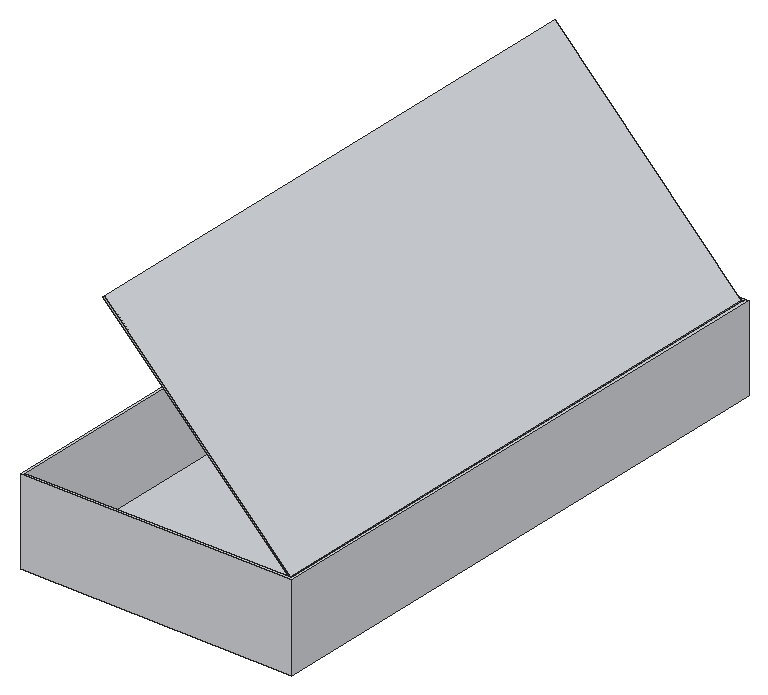
Revit family "Hager-Volta-IP30-Surface_mounted-empty-PL-en", category Electrical Equipment, host Face, Revit 2020
Family settings
  Host = Face
  Panel Configuration = Two Columns, Circuits Across
  Round Connector Dimension = Use Diameter
  Part Type = Panelboard
  Cut with Voids When Loaded = No
  Shared = No
  Room Calculation Point = No
Parameters (values of type "Surface mounted IP30 W305 H640 D96.5 12 Modular spacings - VA48NWP")
  Width Control [instance] = if([HG000006 - Flush mounted], if([EF000846 - Built-in width] > min_whd, [EF000846 - Built-in width], min_whd), if([EF000008 - Width] > min_whd, ([EF000008 - Width]), min_whd))  # 305 mm
  Void Depth [instance] = if([HG000006 - Flush mounted], Depth Control, 1 mm)  # 1 mm
  Type Comments = [HG000003 - Range]  # "Volta"
  System Height [instance] = Height Control - 2 * [HG000005 - Thickness]  # 634 mm
  Model = [HG000004 - Manufacturer reference]  # "VA48NWP"
  HG000017 - Distance between poles = 18 mm
  HG000016 - Door 3d visibility [instance] = yes
  HG000015 - Clearance visibility [instance] = no
  HG000014 - Door on the right [instance] = yes
  HG000013 - Door on the left [instance] = not([HG000014 - Door on the right])  # no
  HG000012 - Door swing angle [instance] = 45.00°
  HG000011 - Empty rows from bottom = no
  HG000010 - Asymmetric doors = no
  HG000009 - Double swing door = no
  HG000008 - Number of empty rows = 0
  HG000007 - Number of empty columns = 0
  HG000006 - Flush mounted = no
  HG000005 - Thickness = 3 mm  # constant formula
  HG000004 - Manufacturer reference = "VA48NWP"
  HG000003 - Range = "Volta"
  HG000002 - With door or cover = yes
  HG000001 - Number of columns = 0
  EF015941 - Signal passing door = no
  EF015777 - Neutral terminal block = no
  EF015776 - Earthing terminal block = no
  EF009212 - Cover model = ""
  EF006306 - With lock = no
  EF006244 - Transparent cover/door = no
  EF005474 - Degree of protection (IP) = "EV006410 - IP30"
  EF004462 - Type of closure = ""
  EF002950 - Width in number of modular spacings = 12
  EF001596 - Material housing = ""
  EF001134 - DIN-rail = no
  EF001131 - Internal depth = 0 mm
  EF001088 - Extension possible = no
  EF001062 - EMC-version = no
  EF000846 - Built-in width = 0 mm
  EF000339 - Type of cover = ""
  EF000332 - Built-in height = 0 mm
  EF000266 - Number of rows = 0
  EF000218 - Built-in depth = 0 mm
  EF000118 - With mounting plate = yes
  EF000116 - RAL-number = "9010"
  EF000049 - Depth = 96 mm
  EF000040 - Height = 640 mm
  EF000008 - Width = 305 mm
  EF000007 - Colour = ""
  EF000003 - Mounting method = "EV000384 - Surface mounted (plaster)"
  Arrow Offset [instance] = Depth Control / 8  # 12 mm
  Arrow Height [instance] = Depth Control - Arrow Offset  # 84 mm
  Host Offset [instance] = if([HG000006 - Flush mounted], 0 mm, [EF000049 - Depth])  # 96 mm
  min_whd [instance] = (2 * [HG000005 - Thickness]) + 1 mm  # 7 mm
  Manufacturer = "Hager"  # constant formula
  Height Control [instance] = if([HG000006 - Flush mounted], if([EF000332 - Built-in height] > min_whd, [EF000332 - Built-in height], min_whd), if([EF000040 - Height] > min_whd, ([EF000040 - Height]), min_whd))  # 640 mm
  Flush Mounted - Door Frame Width [instance] = if(([EF000040 - Height] - [EF000332 - Built-in height]) > 0 mm, if([HG000006 - Flush mounted], [EF000040 - Height] - [EF000332 - Built-in height], 0 mm), 0 mm)  # 0 mm
  Depth Control [instance] = if([HG000006 - Flush mounted], if([EF000218 - Built-in depth] > 0 mm, [EF000218 - Built-in depth], 1 mm), if([EF000049 - Depth] > 0 mm, ([EF000049 - Depth]), 1 mm))  # 96 mm
  Default Elevation = 0 mm
Types (4, lengths in mm): name | System Height | Model | HG000004 - Manufacturer reference | EF009212 - Cover model | EF004462 - Type of closure | EF001596 - Material housing | EF001134 - DIN-rail | EF001131 - Internal depth | EF001088 - Extension possible | EF000339 - Type of cover | EF000266 - Number of rows | EF000040 - Height | EF000007 - Colour | Height Control
  Surface mounted IP30 W305 H515 D96.5 12 Modular spacings - VA36NWB | 509 | "VA36NWB" | "VA36NWB" | "EV009916 - With notch" | "EV000154 - Other" | "" | no | 0 | yes | "EV004216 - Door" | 0 | 515 | "" | 515
  Surface mounted IP30 W305 H515 D96.5 12 Modular spacings - VA36NWP | 509 | "VA36NWP" | "VA36NWP" | "EV009916 - With notch" | "EV000154 - Other" | "EV000154 - Other" | yes | 92 | yes | "EV004216 - Door" | 3 | 515 | "EV000202 - White" | 515
  Surface mounted IP30 W305 H640 D96.5 12 Modular spacings - VA48NWB | 634 | "VA48NWB" | "VA48NWB" | "EV009916 - With notch" | "EV000154 - Other" | "" | no | 0 | yes | "EV004216 - Door" | 0 | 640 | "" | 640
  Surface mounted IP30 W305 H640 D96.5 12 Modular spacings - VA48NWP | 634 | "VA48NWP" | "VA48NWP" | "" | "" | "" | no | 0 | no | "" | 0 | 640 | "" | 640
Reference planes
  plane 1 "Center (Front/Back)": y = 0
  plane 2: z = 0
  plane 3 "Center (Left/Right)": x = 0
  plane 4: z = 96
  plane 5: y = 3
  plane 6: z = 91
  plane 7: y = 320
  plane 8: y = 0
  plane 9: y = 640
  plane 10: z = 0
  plane 11: x = -152.5
  plane 12: x = 152.5
  plane 13: x = 149.5
  plane 14: x = -149.5
  plane 15: y = 637
  plane 16: z = 3
  plane 17: z = 93
  plane 18: z = -1
  plane 19: z = 93
Forms (mm)
  Extrusion 1, solid
    sketch origin (-583.045, 0, 1219.2) x (-1, 0, 0) y (0, 0, 1)
      loop
        line (-430.545, -1123.2) -> (-735.545, -1123.2) -> (-735.545, -1219.2) -> (-430.545, -1219.2) -> (-430.545, -1123.2)
    from 0 to 640 <- "Height Control"
  Extrusion 2, void
    sketch origin (-381.607, -4572, 96) x (0, -1, 0) y (-1, 0, 0)
      loop
        line (-5209, -232.107) -> (-5209, -531.107) -> (-4575, -531.107) -> (-4575, -232.107) -> (-5209, -232.107)
    from 0 to 93
  Extrusion 3, void
    sketch origin (0, 0, 0) x (1, 0, 0) y (0, 1, 0)
      loop
        line (-152.5, 0) -> (152.5, 0) -> (152.5, 640) -> (-152.5, 640) -> (-152.5, 0)
    from -1 to 1
  Extrusion 4, solid, detail levels coarse+medium
    sketch origin (-381.607, -4572, 96) x (-1, 0, 0) y (0, -1, 0)
      loop
        line (-232.107, -5209) -> (-232.107, -4575) -> (-531.107, -4575) -> (-531.107, -5209) -> (-232.107, -5209)
    from 0 to -3
Cuts and joins
  Extrusion 2 cuts Extrusion 1
Dimensions and locks
  plane 4 to plane 6 = 5 mm
  "Host Offset": plane 4 to host face
  "Flush Mounted - Door Frame Width": plane 1 "Center (Front/Back)" to plane 8
  "HG000005 - Thickness": plane 5 to plane 8
  locked: connector elem to plane 3 "Center (Left/Right)"
  "Height Control": plane 9 to plane 8
  equal spacing: plane 9, plane 7, plane 8
  locked: connector elem to plane 7
  "Depth Control": plane 4 to plane 10
  "HG000005 - Thickness": plane 11 to plane 14
  "HG000005 - Thickness": plane 12 to plane 13
  equal spacing: plane 11, plane 3 "Center (Left/Right)", plane 12
  "Width Control": plane 11 to plane 12
  "Arrow Offset": nested 4 to plane 10
  "HG000005 - Thickness": plane 9 to plane 15
  "HG000005 - Thickness": plane 16 to plane 10
  "HG000005 - Thickness": plane 4 to plane 17
  "Void Depth": plane 2 to plane 18
  "HG000005 - Thickness": plane 4 to plane 19
  aligned and locked: plane 2 to host face
  aligned and locked: level to host face
  aligned and locked: plane 3 "Center (Left/Right)" to nested 2
  aligned and locked: plane 4 to nested 2
  aligned and locked: nested 2 to plane 8
  aligned and locked: nested 1 to plane 6
  aligned and locked: plane 5 to nested 1
  aligned and locked: nested 4 to plane 11
  aligned and locked: nested 3 to plane 4
  aligned and locked: Extrusion 1 sketch curve to plane 12
  aligned and locked: Extrusion 1 sketch curve to plane 11
  aligned and locked: nested 3 to plane 10
  aligned and locked: plane 10 to Extrusion 1 sketch curve
  aligned and locked: plane 5 to Extrusion 2 sketch curve
  aligned and locked: Extrusion 2 sketch curve to plane 15
  aligned and locked: Extrusion 2 sketch curve to plane 14
  aligned and locked: Extrusion 2 sketch curve to plane 13
  aligned and locked: plane 11 to Extrusion 3 sketch curve
  aligned and locked: plane 9 to Extrusion 3 sketch curve
  aligned and locked: Extrusion 3 sketch curve to plane 8
  aligned and locked: plane 12 to Extrusion 3 sketch curve
  aligned and locked: nested 3 to plane 12
  aligned and locked: Extrusion 3 to plane 18
  aligned and locked: Extrusion 2 to plane 16
  aligned and locked: Extrusion 1 sketch curve to plane 4
  aligned and locked: Extrusion 4 to plane 17
  aligned and locked: Extrusion 4 sketch curve to plane 15
  aligned and locked: Extrusion 4 sketch curve to plane 13
  aligned and locked: Extrusion 4 sketch curve to plane 14
  aligned and locked: plane 5 to Extrusion 4 sketch curve
Automatic sketch dimensions
  host sketch curve to host sketch curve = 1469.727 mm
  host sketch curve to host sketch curve = 1434.803 mm
Nested families
  nested 1: "Hager_Enclosure_System" at (0, 3, 91) x (1, 0, 0) z (0, 1, 0), Depth <- "HG000005 - Thickness", Height <- "System Height", Width <- "EF000008 - Width", Border <- "HG000005 - Thickness", Flush_Mounted <- "HG000006 - Flush mounted", Built-in_Width <- "EF000846 - Built-in width", Row_Module_Multiplicator <- "EF002950 - Width in number of modular spacings", Total_No_Empty_Rows <- "HG000008 - Number of empty rows", Total_No_Rows <- "EF000266 - Number of rows", Empty_Columns <- "HG000007 - Number of empty columns", Width_Control <- "Width Control", Empty_Rows_From_Bottom <- "HG000011 - Empty rows from bottom", Distance_Between_Poles <- "HG000017 - Distance between poles", Rows_Count <- "EF000266 - Number of rows", Columns_Count <- "HG000001 - Number of columns", type "Hager_Enclosure_System", detail levels fine
    with Width_Control 305 mm, Width 305 mm, Total_No_Rows 0, Total_No_Empty_Rows 0, Total_No_Columns 1, System_Width 299 mm, Rows_Count 0, Rows_Column 0, Row_Module_Multiplicator 12, Panel_4 no, Panel_3 no, Panel_2 no, Panel_1 no, No_Panels_Ctrl 1, Hide_Columns yes, Height 634 mm, Flush_Mounted no, Empty_Rows_From_Bottom no, Empty_Rows_Column 0, Empty_Columns 0, Distance_Between_Poles 18 mm, Depth 3 mm, Columns_Count 0, Column_Width 299 mm, Built-in_Width 0 mm, Border 3 mm
  nested 2: "Hager_Enclosure_Door" at (0, 0, 96) x (1, 0, 0) z (0, 1, 0), Border <- "HG000005 - Thickness", Door_Right <- "HG000014 - Door on the right", Flush_Mounted <- "HG000006 - Flush mounted", Depth <- "EF000049 - Depth", Width <- "EF000008 - Width", Door_Left <- "HG000013 - Door on the left", 3d_Door <- "HG000016 - Door 3d visibility", BuiltIn_Width <- "EF000846 - Built-in width", BuiltIn_Height <- "EF000332 - Built-in height", BuiltIn_Depth <- "EF000218 - Built-in depth", Angle <- "HG000012 - Door swing angle", Assymetrical <- "HG000010 - Asymmetric doors", Double <- "HG000009 - Double swing door", Clearance <- "HG000015 - Clearance visibility", Transparent <- "EF006244 - Transparent cover/door", Door <- "HG000002 - With door or cover", Height_Ctrl <- "Height Control", Width_Ctrl <- "Width Control", Height <- "EF000040 - Height", type "Hager_Enclosure_Door", detail levels medium+fine
    with min_wh 7 mm, Width_Ctrl 305 mm, Width 305 mm, Transparent_Door_No_Bottom_Border no, Transparent no, Leaf_Width 296 mm, Leaf_Tolerance 1.5 mm, Leaf_Height 631 mm, Leaf_2_Width 296 mm, Leaf_2_Offset 148 mm, Leaf_1_Width 296 mm, Leaf_1_Offset 148 mm, Height_Ctrl 640 mm, Height 640 mm, Frame_Width_Ctrl 305 mm, Frame_Width 305 mm, Frame_Internal_Offset 0 mm, Frame_Height_Ctrl 640 mm, Frame_Height 640 mm, Frame_Depth_Ctrl 1 mm, Frame_Depth 0 mm, Flush_Mounted no, Double_Clearance_Ctrl no, Double no, Door_Right_Ctrl yes, Door_Right yes, Door_Left_Ctrl no, Door_Left no, Door yes, Depth 96 mm, Clearance_Depth 296 mm, Clearance_Ctrl no, Clearance no, BuiltIn_Width 0 mm, BuiltIn_Height 0 mm, BuiltIn_Depth 0 mm, Border 3 mm, Assymetrical no, Angle 45.00°, 3d_Door yes
  nested 3: "Hager_Enclosure_Symbol_Triangle" at (-152.5, 0, 0) x (1, 0, 0) z (0, -1, 0), Depth <- "Depth Control", Width <- "Width Control", type "Hager_Enclosure_Symbol_Triangle"
    with Width_Ctrl 305 mm, Width 305 mm, Depth_Ctrl 96 mm, Depth 96 mm
  nested 4: "Hager_Enclosure_Symbol_Arrow" at (-152.5, 0, 12) x (1, 0, 0) z (0, -1, 0), Height <- "Arrow Height", type "Hager_Enclosure_Symbol_Arrow"
    with Width_Inside 6.3 mm, Width 75.6 mm, Height_Ctrl 84 mm, Height 84 mm
Connectors
  electrical at (0, 320, 0)
    settings: on plane 10, index 1, voltage 0 V, apparent load 0 VA, apparent load phase1 0 VA, apparent load phase2 0 VA, apparent load phase3 0 VA, power factor 1, load classification "Other", number of poles 1, system type 30, power factor state 1, is connector primary yes, connector utility no, sub classification motor no, connector description ""
Definition of nested family "Hager_Enclosure_Door"
  Parameters (values of type "Hager_Enclosure_Door")
    min_wh [instance] = (2 * Border) + 1 mm  # 11 mm
    Width_Ctrl [instance] = 400 mm
    Width [instance] = 500 mm
    Transparent_Door_No_Bottom_Border [instance] = no
    Transparent [instance] = yes
    Leaf_Width [instance] = if((Width_Ctrl - 2 * Border - 2 * Leaf_Tolerance) > 0 mm, (Width_Ctrl - 2 * Border - 2 * Leaf_Tolerance), min_wh)  # 387 mm
    Leaf_Tolerance [instance] = 1.5 mm  # constant formula
    Leaf_Height [instance] = if((Height_Ctrl - 2 * Border - 2 * Leaf_Tolerance) > 0 mm, (Height_Ctrl - 2 * Border - 2 * Leaf_Tolerance), min_wh)  # 387 mm
    Leaf_2_Width [instance] = if(and(and(Double, Assymetrical), Door_Left), (Leaf_Width / 3) - (Leaf_Tolerance / 2), if(and(and(Double, Assymetrical), Door_Right), (Leaf_Width / 3) * 2 - (Leaf_Tolerance / 2), if(and(Double, not(Assymetrical)), (Leaf_Width / 2) - Leaf_Tolerance, Leaf_Width)))  # 387 mm
    Leaf_2_Offset [instance] = if(and(Double, Assymetrical), Leaf_2_Width / 2, if(and(Double, not(Assymetrical)), Leaf_Width / 4, Leaf_Width / 2))  # 193.5 mm
    Leaf_1_Width [instance] = if(and(and(Double, Assymetrical), Door_Right), (Leaf_Width / 3) - (Leaf_Tolerance / 2), if(and(and(Double, Assymetrical), Door_Left), (Width / 3) * 2 - (Leaf_Tolerance / 2), if(and(Double, not(Assymetrical)), (Leaf_Width / 2) - Leaf_Tolerance, Leaf_Width)))  # 387 mm
    Leaf_1_Offset [instance] = if(and(Double, Assymetrical), Leaf_1_Width / 2, if(and(Double, not(Assymetrical)), Leaf_Width / 4, Leaf_Width / 2))  # 193.5 mm
    Height_Ctrl [instance] = 400 mm
    Height [instance] = 500 mm
    Frame_Width_Ctrl [instance] = if(Frame_Width > 0 mm, Frame_Width, 1 mm)  # 1 mm
    Frame_Width [instance] = Width - BuiltIn_Width  # 0 mm
    Frame_Internal_Offset [instance] = if(Flush_Mounted, Border, 0 mm)  # 5 mm
    Frame_Height_Ctrl [instance] = if(Frame_Height > 0 mm, Frame_Height, 1 mm)  # 1 mm
    Frame_Height [instance] = Height - BuiltIn_Height  # 0 mm
    Frame_Depth_Ctrl [instance] = if(Frame_Depth > 0 mm, Frame_Depth, 1 mm)  # 1 mm
    Frame_Depth [instance] = if(Depth - BuiltIn_Depth > 0 mm, if(Flush_Mounted, Depth - BuiltIn_Depth, 0 mm), 0 mm)  # 0 mm
    Flush_Mounted [instance] = yes
    Double_Clearance_Ctrl [instance] = and(Double, Clearance)  # no
    Double [instance] = no
    Door_Right_Ctrl [instance] = and(or(Door_Right, Double), Door)  # yes
    Door_Right [instance] = yes
    Door_Left_Ctrl [instance] = and(or(Door_Left, Double), Door)  # no
    Door_Left [instance] = no
    Door [instance] = yes
    Depth [instance] = 500 mm
    Default Elevation = 1219.2 mm
    Clearance_Material = none
    Clearance_Depth [instance] = if(Leaf_1_Width > Leaf_2_Width, Leaf_1_Width, Leaf_2_Width)  # 387 mm
    Clearance_Ctrl [instance] = and(not(Double), Clearance)  # yes
    Clearance [instance] = yes
    BuiltIn_Width [instance] = 500 mm
    BuiltIn_Height [instance] = 500 mm
    BuiltIn_Depth [instance] = 500 mm
    Border [instance] = 5 mm
    Assymetrical [instance] = yes
    Angle [instance] = 30.00°
    3d_Door [instance] = yes
  Reference planes
    plane 1 "Center (Front/Back)": y = 0
    plane 2 "Bottom": z = 0
    plane 3 "Center (Left/Right)": x = 0
    plane 4: z = 400
    plane 5: x = -200
    plane 6: x = 200
    plane 7: z = 395
    plane 8: x = -195
    plane 9: z = 5
    plane 10: x = 195
    plane 11: y = 0
    plane 12: z = 6.5
    plane 13: x = -582
    plane 14: y = -387
    plane 15: x = 582
    plane 16: x = 0
    plane 17: x = 0
    plane 18: x = -193.5
    plane 19: x = 193.5
    plane 20: z = 393.5
  Forms (mm)
    Extrusion 1, solid, visible <- "Flush_Mounted"
      sketch origin (0, 0, 0) x (1, 0, 0) y (0, 0, 1)
        loop
          line (195, 5) -> (195, 395) -> (-195, 395) -> (-195, 5) -> (195, 5)
        loop
          line (-201, 401) -> (-201, -1) -> (201, -1) -> (201, 401) -> (-201, 401)
      from 0 to 1 <- "Frame_Depth_Ctrl"
    Extrusion 2, solid, material <- "Clearance_Material", visible <- "Double_Clearance_Ctrl"
      sketch origin (1200, 0, 0) x (1, 0, 0) y (0, 0, -1)
        loop
          line (-1782, -393.5) -> (-618, -393.5) -> (-618, 0) -> (-1782, 0) -> (-1782, -393.5)
      from 0 to -387
  Dimensions and locks
    equal spacing: plane 5, plane 3 "Center (Left/Right)", plane 6
    "Width_Ctrl": plane 5 to plane 6
    "Border": plane 5 to plane 8
    "Border": plane 6 to plane 10
    "Border": plane 9 to level
    "Border": plane 4 to plane 7
    "Height_Ctrl": plane 4 to level
    "Leaf_Tolerance": plane 12 to plane 9
    "Frame_Depth": plane 11 to plane 1 "Center (Front/Back)"
    "Frame_Width_Ctrl": plane 5 to Extrusion 1 sketch curve
    "Frame_Width_Ctrl": plane 6 to Extrusion 1 sketch curve
    "Frame_Width_Ctrl": Extrusion 1 sketch curve to plane 4
    "Frame_Width_Ctrl": plane 2 "Bottom" to Extrusion 1 sketch curve
    "Leaf_1_Offset": plane 18 to plane 16
    "Leaf_2_Offset": plane 17 to plane 19
    "Leaf_1_Width": plane 13 to plane 8
    "Leaf_2_Width": plane 10 to plane 15
    "Clearance_Depth": plane 14 to plane 1 "Center (Front/Back)"
    "Leaf_Tolerance": plane 8 to plane 18
    "Leaf_Tolerance": plane 19 to plane 10
    "Leaf_Tolerance": plane 7 to plane 20
    "Frame_Internal_Offset": plane 5 to Extrusion 1 sketch curve
    "Frame_Internal_Offset": Extrusion 1 sketch curve to plane 2 "Bottom"
    "Frame_Internal_Offset": plane 6 to Extrusion 1 sketch curve
    "Frame_Internal_Offset": plane 4 to Extrusion 1 sketch curve
    aligned and locked: level to plane 2 "Bottom"
    aligned and locked: nested 1 to plane 16
    aligned and locked: nested 2 to plane 17
    aligned and locked: Extrusion 2 to plane 13
    aligned and locked: plane 15 to Extrusion 2
    aligned and locked: Extrusion 2 to plane 14
    aligned and locked: plane 12 to nested 1
    aligned and locked: nested 2 to plane 12
    aligned and locked: Extrusion 2 to plane 11
    aligned and locked: plane 20 to Extrusion 2
    aligned and locked: nested 2 to plane 11
    aligned and locked: nested 1 to plane 11
  Automatic sketch dimensions
    Extrusion 2 sketch curve to level = 0 mm
    plane 5 to Extrusion 2 sketch curve = 382 mm
    plane 6 to Extrusion 2 sketch curve = 382 mm
    Extrusion 2 sketch curve to plane 4 = 6.5 mm
  Nested families
    nested 1: "Hager_Enclosure_Door_Leaf" at (0, 0, 6.5), Width <- "Leaf_1_Width", visible <- "Door_Left_Ctrl", Leaf_Height <- "Leaf_Height", Angle <- "Angle", Depth <- "Border", 3d_Door <- "3d_Door", Transparent <- "Transparent", Clearance Material <- "Clearance_Material", Clearance <- "Clearance_Ctrl", Transparent_Door_No_Bottom_Border <- "Transparent_Door_No_Bottom_Border", type "Hager_Enclosure_Door_Leaf"
      with Width 387 mm, Transparent_Door_No_Bottom_Border no, Transparent_Door_Border_Bottom_Top 25 mm, Transparent_Door_Border 25 mm, Transparent_Ctrl yes, Transparent yes, Standard no, Leaf_Height 387 mm, Glass_Offset 1 mm, Depth 5 mm, Clearance Material none, Clearance yes, Angle_Ctrl 30.00°, Angle 30.00°, 3d_Door yes
    nested 2: "Hager_Enclosure_Door_Leaf" at (0, 0, 6.5) x (-1, 0, 0) z (0, 0, 1), Width <- "Leaf_2_Width", visible <- "Door_Right_Ctrl", Leaf_Height <- "Leaf_Height", Angle <- "Angle", Depth <- "Border", 3d_Door <- "3d_Door", Transparent <- "Transparent", Clearance Material <- "Clearance_Material", Clearance <- "Clearance_Ctrl", Transparent_Door_No_Bottom_Border <- "Transparent_Door_No_Bottom_Border", type "Hager_Enclosure_Door_Leaf"
      with Width 387 mm, Transparent_Door_No_Bottom_Border no, Transparent_Door_Border_Bottom_Top 25 mm, Transparent_Door_Border 25 mm, Transparent_Ctrl yes, Transparent yes, Standard no, Leaf_Height 387 mm, Glass_Offset 1 mm, Depth 5 mm, Clearance Material none, Clearance yes, Angle_Ctrl 30.00°, Angle 30.00°, 3d_Door yes
  Definition of nested family "Hager_Enclosure_Door_Leaf"
    Parameters (values of type "Hager_Enclosure_Door_Leaf")
      Width [instance] = 2000 mm
      Transparent_Door_No_Bottom_Border [instance] = yes
      Transparent_Door_Border_Bottom_Top [instance] = if(Transparent_Door_No_Bottom_Border, 0.1 mm, Transparent_Door_Border)  # 0.1 mm
      Transparent_Door_Border [instance] = if(Transparent_Door_No_Bottom_Border, (Width * 0.12), 25 mm)  # 240 mm
      Transparent_Ctrl [instance] = and(Transparent, [3d_Door])  # yes
      Transparent [instance] = yes
      Standard [instance] = and(not(Transparent), [3d_Door])  # no
      Leaf_Height [instance] = 2720.336 mm
      Glass_Offset [instance] = if((Depth - 10 mm) / 2 > 0 mm, (Depth - 10 mm) / 2, 1 mm)  # 15 mm
      Glass_Material = none
      Depth [instance] = 40 mm
      Default Elevation = 0 mm
      Clearance Material [instance] = none
      Clearance [instance] = yes
      Angle_Ctrl [instance] = if(Angle > 170.00°, 170.00°, Angle)  # 45.00°
      Angle [instance] = 45.00°
      3d_Door [instance] = yes
    Reference planes
      plane 1 "Center (Front/Back)": y = 0
      plane 2: z = 0
      plane 3 "Center (Left/Right)": x = 0
      plane 4: y = 2000
      plane 5: x = -1000
      plane 6: x = 1000
      plane 7: x = -3000
      plane 8: z = 2720.336
      plane 9: z = 0.1
      plane 10: z = 2720.236
      plane 11: x = 760
      plane 12: x = -760
    Forms (mm)
      Extrusion 1, solid, material <- "Clearance Material", visible <- "Clearance"
        sketch origin (0, 0, 0) x (1, 0, 0) y (0, 0, 1)
          loop
            line (-3000, 2720.336) -> (-3000, 0) -> (1000, 0) -> (1000, 2720.336) -> (-3000, 2720.336)
        from 0 to -2000
      Extrusion 2, solid, visible <- "Standard", detail levels medium+fine
        sketch origin (-1000, 0, 0) x (0.707107, 0.707107, 0) y (-0.707107, 0.707107, 0)
          loop
            line (0, -40) -> (2000, -40) -> (2000, 0) -> (0, 0) -> (0, -40)
        from 0 to 2720.336 <- "Leaf_Height"
      Extrusion 3, solid, visible <- "Transparent_Ctrl", detail levels medium+fine
        sketch origin (-1000, 0, 0) x (0.707107, 0.707107, 0) y (-0.707107, 0.707107, 0)
          loop
            line (0, -40) -> (2000, -40) -> (2000, 0) -> (0, 0) -> (0, -40)
        from 0 to 2720.336 <- "Leaf_Height"
      Extrusion 4, void, detail levels medium+fine
        sketch origin (-1000, 0, 0) x (-0.707107, 0.707107, 0) y (0.707107, 0.707107, 0)
          loop
            line (0, 240) -> (0, 1760) -> (-40, 1760) -> (-40, 240) -> (0, 240)
        from -2720.236 to -0.1
      Extrusion 5, solid, material <- "Glass_Material", visible <- "Transparent_Ctrl", detail levels medium+fine
        sketch origin (-1000, 0, 0) x (0.707107, 0.707107, 0) y (-0.707107, 0.707107, 0)
          loop
            line (240, -15) -> (240, -25) -> (1760, -25) -> (1760, -15) -> (240, -15)
        from 0.1 to 2720.236
    Cuts and joins
      Extrusion 4 cuts Extrusion 3
    Lines and regions (mm)
      symbolic lines
        curve 1: line (1000, 0, 0) -> (-3000, 0, 0)
        curve 2: arc (1000, 0, 0) -> (-1000, 2000, 0) -> (-3000, 0, 0) r 2000
        curve 4: line (-1000, 0, 0) -> (414.214, 1414.214, 0)
      reference lines
        curve 3: line (-1000, 0, 0) -> (414.214, 1414.214, 0)
      symbolic lines, detail levels medium+fine
        curve 5: line (414.214, 1414.214, 0) -> (442.498, 1385.929, 0)
        curve 6: line (442.498, 1385.929, 0) -> (-971.716, -28.284, 0)
        curve 7: line (-971.716, -28.284, 0) -> (-1000, 0, 0)
        curve 8: line (-1000, 0, 2720.336) -> (1000, 0, 2720.336)
        curve 9: line (-1000, 0, 0) -> (-1000, 0, 2720.336)
        curve 10: line (1000, 0, 0) -> (-1000, 0, 0)
        curve 11: line (1000, 0, 2720.336) -> (1000, 0, 0)
      symbolic lines, visible <- "Transparent_Ctrl", detail levels medium+fine
        curve 12: line (-760, 0, 2720.236) -> (760, 0, 2720.236)
        curve 13: line (-760, 0, 0.1) -> (-760, 0, 2720.236)
        curve 14: line (760, 0, 0.1) -> (-760, 0, 0.1)
        curve 15: line (760, 0, 2720.236) -> (760, 0, 0.1)
    Dimensions and locks
      "Width": plane 1 "Center (Front/Back)" to plane 4
      equal spacing: plane 5, plane 3 "Center (Left/Right)", plane 6
      "Width": plane 5 to plane 6
      "Width": plane 7 to plane 5
      "Leaf_Height": plane 8 to level
      "Depth": curve 6 to curve 3
      "Width": curve 5 to curve 3
      "Width": curve 3 to curve 3
      "Transparent_Door_Border": Extrusion 4 sketch curve to curve 7
      "Transparent_Door_Border": Extrusion 4 sketch curve to curve 5
      "Transparent_Door_Border_Bottom_Top": plane 8 to plane 10
      "Transparent_Door_Border_Bottom_Top": plane 9 to level
      "Glass_Offset": Extrusion 5 sketch curve to curve 4
      "Glass_Offset": Extrusion 5 sketch curve to curve 6
      "Transparent_Door_Border": Extrusion 5 sketch curve to curve 5
      "Transparent_Door_Border": Extrusion 5 sketch curve to curve 7
      "Transparent_Door_Border": plane 12 to plane 5
      "Transparent_Door_Border": plane 6 to plane 11
      "Angle_Ctrl": angle plane 1 "Center (Front/Back)" to curve 3
      aligned and locked: level to plane 2
      aligned and locked: Extrusion 1 to curve 1
      aligned and locked: plane 6 to Extrusion 1
      aligned and locked: Extrusion 1 to plane 1 "Center (Front/Back)"
      aligned and locked: plane 4 to Extrusion 1
      aligned and locked: plane 8 to Extrusion 1
      aligned and locked: curve 4 to curve 3
      aligned and locked: Extrusion 2 sketch curve to curve 7
      aligned and locked: Extrusion 2 sketch curve to curve 6
      aligned and locked: Extrusion 2 sketch curve to curve 5
      aligned and locked: Extrusion 2 sketch curve to curve 3
      aligned and locked: curve 7 to Extrusion 3 sketch curve
      aligned and locked: Extrusion 3 sketch curve to curve 4
      aligned and locked: Extrusion 3 sketch curve to curve 6
      aligned and locked: Extrusion 3 sketch curve to curve 5
      aligned and locked: curve 4 to Extrusion 4 sketch curve
      aligned and locked: curve 6 to Extrusion 4 sketch curve
      aligned and locked: Extrusion 4 to plane 9
      aligned and locked: Extrusion 4 to plane 10
      aligned and locked: Extrusion 5 to plane 9
      aligned and locked: Extrusion 5 to plane 10
      aligned and locked: curve 8 to plane 8
      aligned and locked: plane 5 to curve 9
      aligned and locked: plane 2 to curve 10
      aligned and locked: curve 11 to plane 6
      aligned and locked: plane 10 to curve 12
      aligned and locked: plane 12 to curve 13
      aligned and locked: curve 14 to plane 9
      aligned and locked: plane 11 to curve 15
    Automatic sketch dimensions
      plane 1 "Center (Front/Back)" to curve 2 = 0 mm
      curve 2 to plane 5 = 0 mm
      Extrusion 1 sketch curve to level = 0 mm
      Extrusion 1 sketch curve to plane 7 = 0 mm
      Extrusion 1 sketch curve to plane 6 = 0 mm
      Extrusion 1 sketch curve to plane 8 = 0 mm
      plane 1 "Center (Front/Back)" to curve 3 = 0 mm
      curve 3 to plane 5 = 0 mm
      curve 7 to curve 3 = 0 mm
Definition of nested family "Hager_Enclosure_Symbol_Triangle"
  Parameters (values of type "Hager_Enclosure_Symbol_Triangle")
    Width_Ctrl [instance] = if(Width > 1 mm, Width, 1 mm)  # 498 mm
    Width [instance] = 498 mm
    Depth_Ctrl [instance] = if(Depth > 1 mm, Depth, 1 mm)  # 72 mm
    Depth [instance] = 72 mm
  Reference planes
    plane 1 "Centre (avant/arrière)": y = 0
    plane 2: z = 0
    plane 3 "Centre (gauche/droite)": x = 0
  Lines and regions (mm)
    Filled region 1, type "Solid_Black", in view "Niveau de réf."
      outline origin (0, 0, 0) x (1, 0, 0) y (0, 1, 0)
        loop
          line (0, 0) -> (498, 0) -> (498, 72) -> (0, 0)
    reference lines, in view "Niveau de réf."
      curve 1: line (-206.153, 72, 0) -> (1083.258, 72, 0)
      curve 2: line (498, 405.456, 0) -> (498, -517.619, 0)
  Dimensions and locks
    "Depth_Ctrl": plane 1 "Centre (avant/arrière)" to curve 1
    "Width_Ctrl": plane 3 "Centre (gauche/droite)" to curve 2
    aligned and locked: curve 1 to Filled region 1 sketch curve
    aligned and locked: Filled region 1 sketch curve to plane 1 "Centre (avant/arrière)"
    aligned and locked: curve 2 to Filled region 1 sketch curve
    aligned and locked: plane 3 "Centre (gauche/droite)" to Filled region 1 sketch curve
    aligned and locked: plane 1 "Centre (avant/arrière)" to Filled region 1 sketch curve
  Automatic sketch dimensions
    curve 1 to plane 3 "Centre (gauche/droite)" = 206.153 mm
    curve 2 to curve 1 = 585.258 mm
    plane 1 "Centre (avant/arrière)" to curve 2 = 517.619 mm
    curve 2 to plane 1 "Centre (avant/arrière)" = 405.456 mm
Definition of nested family "Hager_Enclosure_Symbol_Arrow"
  Parameters (values of type "Hager_Enclosure_Symbol_Arrow")
    Width_Inside [instance] = if(Width / 12 > 2 mm, Width / 12, 2 mm)  # 4.987 mm
    Width [instance] = if(Height_Ctrl * 0.9 > 2 mm, Height_Ctrl * 0.9, 2 mm)  # 59.85 mm
    Height_Ctrl [instance] = if(Height > 2 mm, Height, 2 mm)  # 66.5 mm
    Height [instance] = 66.5 mm
  Reference planes
    plane 1 "Centre (avant/arrière)": y = 0
    plane 2: z = 0
    plane 3 "Centre (gauche/droite)": x = 0
    plane 4: x = 59.85
    plane 5: y = 28.263
    plane 6: y = 38.238
    plane 7: y = 66.5
    plane 8: x = 29.925
    plane 9: y = 33.25
  Lines and regions (mm)
    Filled region 1, type "Solid_Black", in view "Niveau de réf."
      outline origin (0, 0, 0) x (1, 0, 0) y (0, 1, 0)
        loop
          line (59.85, 66.5) -> (37.929, 52.827) -> (51.846, 41.935) -> (59.85, 66.5)
    detail lines, in view "Niveau de réf."
      curve 1: line (0, 0, 0) -> (29.925, 38.238, 0)
      curve 2: line (29.925, 38.238, 0) -> (29.925, 28.263, 0)
      curve 3: line (29.925, 28.263, 0) -> (59.85, 66.5, 0)
  Dimensions and locks
    "Width": plane 3 "Centre (gauche/droite)" to plane 4
    "Height_Ctrl": plane 7 to plane 1 "Centre (avant/arrière)"
    equal spacing: plane 3 "Centre (gauche/droite)", plane 8, plane 4
    equal spacing: plane 7, plane 9, plane 1 "Centre (avant/arrière)"
    equal spacing: plane 6, plane 9, plane 5
    "Width_Inside": plane 6 to plane 9
    equal spacing: curve 3, Filled region 1 sketch curve, Filled region 1 sketch curve
    angle Filled region 1 sketch curve to curve 3 = 20.00°
    angle curve 3 to Filled region 1 sketch curve = 20.00°
    locked: curve 3 to Filled region 1 sketch curve (angle 90.00°)
  Automatic sketch dimensions
    plane 1 "Centre (avant/arrière)" to curve 1 = 0 mm
    curve 1 to plane 3 "Centre (gauche/droite)" = 0 mm
    curve 2 to plane 6 = 0 mm
    curve 3 to plane 8 = 0 mm
    curve 3 to plane 4 = 0 mm
    curve 2 to plane 5 = 0 mm
    curve 3 to plane 7 = 0 mm
    Filled region 1 sketch curve to plane 4 = 0 mm
    Filled region 1 sketch curve to plane 7 = 0 mm
